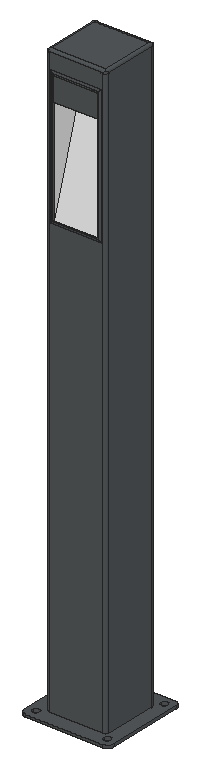
Revit family "svetilnik_alfresco_ar deko_dtu19", category Lighting Fixtures, Revit 2016 (continued)
Definition of nested family "Источник света Ар_Деко"
  Types (5, lengths in mm): name | Photometric Web File | built-in parameter 1150142
       0.2       0.2       0.2       0.2       0.2       0.2       0.2\r\n       0.2       0.2       0.2       0.2       0.2       0.2       0.2       0.2\r\n       0.2       0.2       0.2       0.2       0.2       0.2       0.2       0.2\r\n       0.2       0.2       0.2       0.2       0.2       0.2       0.2       0.2\r\n       0.2       0.2       0.2       0.2       0.2       0.2       0.2       0.2\r\n       0.2       0.2       0.2       0.2       0.2       0.2       0.2       0.2\r\n       0.2       0.2       0.2       0.2       0.2       0.2       0.2       0.2\r\n       0.2       0.2       0.2       0.2       0.2       0.2       0.2       0.2\r\n       0.2       0.2       0.2       0.2       0.2       0.2       0.2       0.2\r\n       0.2       0.2       0.2       0.2       0.2       0.2       0.2       0.2\r\n       0.2       0.1       0.1       0.1       0.1       0.1       0.1       0.1\r\n       0.1       0.1       0.0       0.0       0.0\r\n       0.0       0.0       0.0       0.0       0.1       0.1       0.1       0.1\r\n       0.2       0.2       0.2       0.2       0.2       0.2       0.2       0.2\r\n       0.2       0.2       0.2       0.2       0.2       0.2       0.2       0.2\r\n       0.2       0.2       0.2       0.2       0.2       0.2       0.2       0.2\r\n       0.2       0.2       0.2       0.2       0.2       0.2       0.2       0.2\r\n       0.2       0.2       0.2       0.2       0.2       0.2       0.2       0.2\r\n       0.2       0.2       0.2       0.2       0.2       0.2       0.2       0.2\r\n       0.2       0.2       0.2       0.2       0.2       0.2       0.2       0.2\r\n       0.2       0.2       0.2       0.2       0.2       0.2       0.2       0.2\r\n       0.2       0.2       0.2       0.2       0.2       0.2       0.2       0.2\r\n       0.2       0.2       0.2       0.2       0.2       0.2       0.2       0.2\r\n       0.2       0.2       0.2       0.2       0.2       0.2       0.2       0.2\r\n       0.2       0.2       0.2       0.2       0.2       0.2       0.2       0.2\r\n       0.2       0.2       0.2       0.2       0.2       0.2       0.2       0.2\r\n       0.2       0.2       0.2       0.2       0.2       0.2       0.2       0.2\r\n       0.2       0.2       0.2       0.2       0.2       0.2       0.2       0.2\r\n       0.2       0.2       0.2       0.2       0.2       0.2       0.2       0.2\r\n       0.2       0.2       0.2       0.2       0.2       0.2       0.2       0.2\r\n       0.2       0.2       0.2       0.2       0.2       0.2       0.2       0.2\r\n       0.2       0.2       0.2       0.2       0.2       0.2       0.2       0.2\r\n       0.2       0.2       0.2       0.2       0.2       0.2       0.2       0.2\r\n       0.2       0.1       0.1       0.1       0.1       0.1       0.1       0.1\r\n       0.1       0.1       0.0       0.0       0.0\r\n       0.0       0.0       0.0       0.0       0.0       0.1       0.1       0.1\r\n       0.2       0.2       0.2       0.2       0.2       0.2       0.2       0.2\r\n       0.2       0.2       0.2       0.2       0.2       0.2       0.2       0.2\r\n       0.2       0.2       0.2       0.2       0.2       0.2       0.2       0.2\r\n       0.2       0.2       0.2       0.2       0.2       0.2       0.2       0.2\r\n       0.2       0.2       0.2       0.2       0.2       0.2       0.2       0.2\r\n       0.2       0.2       0.2       0.2       0.2       0.2       0.2       0.2\r\n       0.2       0.2       0.2       0.2       0.2       0.2       0.2       0.2\r\n       0.2       0.2       0.2       0.2       0.2       0.2       0.2       0.2\r\n       0.2       0.2       0.2       0.2       0.2       0.2       0.2       0.2\r\n       0.2       0.2       0.2       0.2       0.2       0.2       0.2       0.2\r\n       0.2       0.2       0.2       0.2       0.2       0.2       0.2       0.2\r\n       0.2       0.2       0.2       0.2       0.2       0.2       0.2       0.2\r\n       0.2       0.2       0.2       0.2       0.2       0.2       0.2       0.2\r\n       0.2       0.2       0.2       0.2       0.2       0.2       0.2       0.2\r\n       0.2       0.2       0.2       0.2       0.2       0.2       0.2       0.2\r\n       0.2       0.2       0.2       0.2       0.2       0.2       0.2       0.2\r\n       0.2       0.2       0.2       0.2       0.2       0.2       0.2       0.2\r\n       0.2       0.2       0.2       0.2       0.2       0.2       0.2       0.2\r\n       0.2       0.2       0.2       0.2       0.2       0.2       0.2       0.2\r\n       0.2       0.2       0.2       0.2       0.2       0.2       0.2       0.2\r\n       0.2       0.1       0.1       0.1       0.1       0.1       0.1       0.1\r\n       0.1       0.1       0.0       0.0       0.0\r\n       0.0       0.0       0.0       0.0       0.0       0.1       0.1       0.1\r\n       0.2       0.2       0.2       0.2       0.2       0.2       0.2       0.2\r\n       0.2       0.2       0.2       0.2       0.2       0.2       0.2       0.2\r\n       0.2       0.2       0.2       0.2       0.2       0.2       0.2       0.2\r\n       0.2       0.2       0.2       0.2       0.2       0.2       0.2       0.2\r\n       0.2       0.2       0.2       0.2       0.2       0.2       0.2       0.2\r\n       0.2       0.2       0.2       0.2       0.2       0.2       0.2       0.2\r\n       0.2       0.2       0.2       0.2       0.2       0.2       0.2       0.2\r\n       0.2       0.2       0.2       0.2       0.2       0.2       0.2       0.2\r\n       0.2       0.2       0.2       0.2       0.2       0.2       0.2       0.2\r\n       0.2       0.2       0.2       0.2       0.2       0.2       0.2       0.2\r\n       0.2       0.2       0.2       0.2       0.2       0.2       0.2       0.2\r\n       0.2       0.2       0.2       0.2       0.2       0.2       0.2       0.2\r\n       0.2       0.2       0.2       0.2       0.2       0.2       0.2       0.2\r\n       0.2       0.2       0.2       0.2       0.2       0.2       0.2       0.2\r\n       0.2       0.2       0.2       0.2       0.2       0.2       0.2       0.2\r\n       0.2       0.2       0.2       0.2       0.2       0.2       0.2       0.2\r\n       0.2       0.2       0.2       0.2       0.2       0.2       0.2       0.2\r\n       0.2       0.2       0.2       0.2       0.2       0.2       0.2       0.2\r\n       0.2       0.2       0.2       0.2       0.2       0.2       0.2       0.2\r\n       0.2       0.2       0.2       0.2       0.2       0.2       0.2       0.2\r\n       0.2       0.1       0.1       0.1       0.1       0.1       0.1       0.1\r\n       0.1       0.1       0.0       0.0       0.0\r\n       0.0       0.0       0.0       0.0       0.0       0.1       0.1       0.1\r\n       0.2       0.2       0.2       0.2       0.2       0.2       0.2       0.2\r\n       0.2       0.2       0.2       0.2       0.2       0.2       0.2       0.2\r\n       0.2       0.2       0.2       0.2       0.2       0.2       0.2       0.2\r\n       0.2       0.2       0.2       0.2       0.2       0.2       0.2       0.2\r\n       0.2       0.2       0.2       0.2       0.2       0.2       0.2       0.2\r\n       0.2       0.2       0.2       0.3       0.2       0.2       0.2       0.2\r\n       0.2       0.2       0.2       0.2       0.2       0.2       0.2       0.2\r\n       0.2       0.2       0.2       0.2       0.2       0.2       0.2       0.2\r\n       0.2       0.2       0.2       0.2       0.2       0.2       0.2       0.2\r\n       0.2       0.2       0.2       0.2       0.2       0.2       0.2       0.2\r\n       0.2       0.2       0.2       0.2       0.2       0.2       0.2       0.2\r\n       0.2       0.2       0.2       0.2       0.2       0.2       0.2       0.2\r\n       0.2       0.2       0.2       0.2       0.2       0.2       0.2       0.2\r\n       0.2       0.2       0.2       0.2       0.2       0.2       0.2       0.2\r\n       0.2       0.2       0.2       0.2       0.2       0.2       0.2       0.2\r\n       0.2       0.2       0.2       0.2       0.2       0.2       0.2       0.2\r\n       0.2       0.2       0.2       0.2       0.2       0.2       0.2       0.2\r\n       0.2       0.2       0.2       0.2       0.2       0.2       0.2       0.2\r\n       0.2       0.2       0.2       0.2       0.2       0.2       0.2       0.2\r\n       0.2       0.2       0.2       0.2       0.2       0.2       0.2       0.2\r\n       0.2       0.2       0.1       0.1       0.1       0.1       0.1       0.1\r\n       0.1       0.1       0.0       0.0       0.0\r\n       0.0       0.0       0.0       0.0       0.0       0.1       0.1       0.1\r\n       0.2       0.2       0.2       0.2       0.2       0.2       0.2       0.2\r\n       0.2       0.2       0.2       0.2       0.2       0.2       0.2       0.2\r\n       0.2       0.2       0.2       0.2       0.2       0.2       0.2       0.2\r\n       0.2       0.2       0.2       0.2       0.2       0.2       0.2       0.2\r\n       0.2       0.2       0.2       0.2       0.2       0.2       0.2       0.2\r\n       0.2       0.2       0.2       0.2       0.2       0.2       0.2       0.2\r\n       0.2       0.2       0.2       0.2       0.2       0.2       0.2       0.2\r\n       0.2       0.2       0.2       0.2       0.2       0.2       0.2       0.2\r\n       0.2       0.2       0.2       0.2       0.2       0.2       0.2       0.2\r\n       0.2       0.2       0.2       0.2       0.2       0.2       0.2       0.2\r\n       0.2       0.2       0.2       0.2       0.2       0.2       0.2       0.2\r\n       0.2       0.2       0.2       0.2       0.2       0.2       0.2       0.2\r\n       0.2       0.2       0.2       0.2       0.2       0.2       0.2       0.2\r\n       0.2       0.2       0.2       0.2       0.2       0.2       0.2       0.2\r\n       0.2       0.2       0.2       0.2       0.2       0.2       0.2       0.2\r\n       0.2       0.2       0.2       0.2       0.2       0.2       0.2       0.2\r\n       0.2       0.2       0.2       0.2       0.2       0.2       0.2       0.2\r\n       0.2       0.2       0.2       0.2       0.2       0.2       0.2       0.2\r\n       0.2       0.2       0.2       0.2       0.2       0.2       0.2       0.2\r\n       0.2       0.2       0.2       0.2       0.2       0.2       0.2       0.2\r\n       0.2       0.2       0.1       0.1       0.1       0.1       0.1       0.1\r\n       0.1       0.0       0.0       0.0       0.0\r\n       0.0       0.0       0.0       0.0       0.0       0.1       0.1       0.1\r\n       0.2       0.2       0.2       0.2       0.2       0.2       0.2       0.2\r\n       0.2       0.2       0.2       0.2       0.2       0.2       0.2       0.2\r\n       0.2       0.2       0.2       0.2       0.2       0.2       0.2       0.2\r\n       0.2       0.2       0.2       0.2       0.2       0.2       0.2       0.2\r\n       0.2       0.2       0.2       0.2       0.2       0.2       0.2       0.2\r\n       0.2       0.2       0.2       0.2       0.2       0.2       0.2       0.2\r\n       0.2       0.2       0.2       0.2       0.2       0.2       0.2       0.2\r\n       0.2       0.2       0.2       0.2       0.2       0.2       0.2       0.2\r\n       0.2       0.2       0.2       0.2       0.2       0.2       0.2       0.2\r\n       0.2       0.2       0.2       0.2       0.2       0.2       0.2       0.2\r\n       0.2       0.2       0.2       0.2       0.2       0.2       0.2       0.2\r\n       0.2       0.2       0.2       0.2       0.2       0.2       0.2       0.2\r\n       0.2       0.2       0.2       0.2       0.2       0.2       0.2       0.2\r\n       0.2       0.2       0.2       0.2       0.2       0.2       0.2       0.2\r\n       0.2       0.2       0.2       0.2       0.2       0.2       0.2       0.2\r\n       0.2       0.2       0.2       0.2       0.2       0.2       0.2       0.2\r\n       0.2       0.2       0.2       0.2       0.2       0.2       0.2       0.2\r\n       0.2       0.2       0.2       0.2       0.2       0.2       0.2       0.2\r\n       0.2       0.2       0.2       0.2       0.2       0.2       0.2       0.2\r\n       0.2       0.2       0.2       0.2       0.2       0.2       0.2       0.2\r\n       0.2       0.2       0.1       0.1       0.1       0.1       0.1       0.1\r\n       0.1       0.0       0.0       0.0       0.0\r\n       0.0       0.0       0.0       0.0       0.0       0.0       0.1       0.1\r\n       0.2       0.2       0.2       0.2       0.2       0.2       0.2       0.2\r\n       0.2       0.2       0.2       0.2       0.2       0.2       0.2       0.2\r\n       0.2       0.2       0.2       0.2       0.2       0.2       0.2       0.2\r\n       0.2       0.2       0.2       0.2       0.2       0.2       0.2       0.2\r\n       0.2       0.2       0.2       0.2       0.2       0.2       0.2       0.3\r\n       0.2       0.2       0.2       0.2       0.2       0.2       0.2       0.2\r\n       0.2       0.2       0.2       0.2       0.2       0.2       0.2       0.2\r\n       0.2       0.2       0.2       0.2       0.2       0.2       0.2       0.2\r\n       0.2       0.2       0.2       0.2       0.2       0.2       0.2       0.2\r\n       0.2       0.2       0.2       0.2       0.2       0.2       0.2       0.2\r\n       0.2       0.2       0.2       0.2       0.2       0.2       0.2       0.2\r\n       0.2       0.2       0.2       0.2       0.2       0.2       0.2       0.2\r\n       0.2       0.2       0.2       0.2       0.2       0.2       0.2       0.2\r\n       0.2       0.2       0.2       0.2       0.2       0.2       0.2       0.2\r\n       0.2       0.2       0.2       0.2       0.2       0.2       0.2       0.2\r\n       0.2       0.2       0.2       0.2       0.2       0.2       0.2       0.2\r\n       0.2       0.2       0.2       0.2       0.2       0.2       0.2       0.2\r\n       0.2       0.2       0.2       0.2       0.2       0.2       0.2       0.2\r\n       0.2       0.2       0.2       0.2       0.2       0.2       0.2       0.2\r\n       0.2       0.2       0.2       0.2       0.2       0.2       0.2       0.2\r\n       0.2       0.2       0.1       0.1       0.1       0.1       0.1       0.1\r\n       0.1       0.0       0.0       0.0       0.0\r\n       0.0       0.0       0.0       0.0       0.0       0.0       0.1       0.1\r\n       0.2       0.2       0.2       0.2       0.2       0.2       0.2       0.2\r\n       0.2       0.2       0.2       0.2       0.2       0.2       0.2       0.2\r\n       0.2       0.2       0.2       0.2       0.2       0.2       0.2       0.2\r\n       0.2       0.2       0.2       0.2       0.2       0.2       0.2       0.2\r\n       0.2       0.2       0.2       0.2       0.2       0.2       0.2       0.4\r\n       0.3       0.2       0.2       0.2       0.2       0.2       0.2       0.2\r\n       0.2       0.2       0.2       0.2       0.2       0.2       0.2       0.2\r\n       0.2       0.2       0.2       0.2       0.2       0.2       0.2       0.2\r\n       0.2       0.2       0.2       0.2       0.2       0.2       0.2       0.2\r\n       0.2       0.2       0.2       0.2       0.2       0.2       0.2       0.2\r\n       0.2       0.2       0.2       0.2       0.2       0.2       0.2       0.2\r\n       0.2       0.2       0.2       0.2       0.2       0.2       0.2       0.2\r\n       0.2       0.2       0.2       0.2       0.2       0.2       0.2       0.2\r\n       0.2       0.2       0.2       0.2       0.2       0.2       0.2       0.2\r\n       0.2       0.2       0.2       0.2       0.2       0.2       0.2       0.2\r\n       0.2       0.2       0.2       0.2       0.2       0.2       0.2       0.2\r\n       0.2       0.2       0.2       0.2       0.2       0.2       0.2       0.2\r\n       0.2       0.2       0.2       0.2       0.2       0.2       0.2       0.2\r\n       0.2       0.2       0.2       0.2       0.2       0.2       0.2       0.2\r\n       0.2       0.2       0.2       0.2       0.2       0.2       0.2       0.2\r\n       0.2       0.2       0.1       0.1       0.1       0.1       0.1       0.1\r\n       0.0       0.0       0.0       0.0       0.0\r\n       0.0       0.0       0.0       0.0       0.0       0.0       0.0       0.1\r\n       0.2       0.2       0.2       0.2       0.2       0.2       0.2       0.2\r\n       0.2       0.2       0.2       0.2       0.2
             0.2       0.2       0.2\r\n       0.2       0.2       0.2       0.2       0.2       0.2       0.2       0.3\r\n       0.2       0.2       0.2       0.2       0.2       0.2       0.2       0.2\r\n       0.2       0.2       0.2       0.2       0.2       0.2       0.2       0.2\r\n       0.2       0.2       0.2       0.2       0.2       0.2       0.2       0.2\r\n       0.2       0.2       0.2       0.2       0.2       0.2       0.2       0.2\r\n       0.2       0.2       0.2       0.2       0.2       0.2       0.2       0.2\r\n       0.2       0.2       0.2       0.2       0.2       0.2       0.2       0.2\r\n       0.2       0.2       0.2       0.2       0.2       0.2       0.2       0.2\r\n       0.2       0.2       0.2       0.2       0.2       0.2       0.2       0.2\r\n       0.2       0.2       0.2       0.2       0.2       0.2       0.2       0.2\r\n       0.2       0.2       0.2       0.2       0.2       0.2       0.2       0.2\r\n       0.2       0.2       0.2       0.2       0.2       0.2       0.2       0.2\r\n       0.2       0.2       0.2       0.2       0.2       0.2       0.2       0.2\r\n       0.2       0.2       0.2       0.2       0.2       0.2       0.2       0.2\r\n       0.2       0.2       0.2       0.2       0.2       0.2       0.2       0.2\r\n       0.2       0.2       0.2       0.2       0.2       0.2       0.2       0.2\r\n       0.2       0.2       0.2       0.2       0.2       0.2       0.2       0.2\r\n       0.2       0.2       0.2       0.2       0.2       0.2       0.2       0.2\r\n       0.2       0.2       0.1       0.1       0.1       0.1       0.1       0.1\r\n       0.0       0.0       0.0       0.0       0.0\r\n       0.0       0.0       0.0       0.0       0.0       0.0       0.0       0.1\r\n       0.2       0.2       0.2       0.2       0.2       0.2       0.2       0.2\r\n       0.2       0.2       0.2       0.2       0.2       0.2       0.2       0.2\r\n       0.2       0.2       0.2       0.2       0.2       0.2       0.2       0.2\r\n       0.2       0.2       0.2       0.2       0.2       0.2       0.2       0.2\r\n       0.2       0.2       0.2       0.2       0.2       0.2       0.2       0.2\r\n       0.2       0.2       0.2       0.2       0.2       0.2       0.2       0.2\r\n       0.2       0.2       0.2       0.2       0.2       0.2       0.2       0.2\r\n       0.2       0.2       0.2       0.2       0.2       0.2       0.2       0.2\r\n       0.2       0.2       0.2       0.2       0.2       0.2       0.2       0.2\r\n       0.2       0.2       0.2       0.2       0.2       0.2       0.2       0.2\r\n       0.2       0.2       0.2       0.2       0.2       0.2       0.2       0.2\r\n       0.2       0.2       0.2       0.2       0.2       0.2       0.2       0.2\r\n       0.2       0.2       0.2       0.2       0.2       0.2       0.2       0.2\r\n       0.2       0.2       0.2       0.2       0.2       0.2       0.2       0.2\r\n       0.2       0.2       0.2       0.2       0.2       0.2       0.2       0.2\r\n       0.2       0.2       0.2       0.2       0.2       0.2       0.2       0.2\r\n       0.2       0.2       0.2       0.2       0.2       0.2       0.2       0.2\r\n       0.2       0.2       0.2       0.2       0.2       0.2       0.2       0.2\r\n       0.2       0.2       0.2       0.2       0.2       0.2       0.2       0.2\r\n       0.2       0.2       0.2       0.2       0.2       0.2       0.2       0.2\r\n       0.2       0.2       0.1       0.1       0.1       0.1       0.1       0.0\r\n       0.0       0.0       0.0       0.0       0.0\r\n       0.0       0.0       0.0       0.0       0.0       0.0       0.0       0.0\r\n       0.1       0.2       0.2       0.2       0.2       0.2       0.2       0.2\r\n       0.2       0.2       0.2       0.2       0.2       0.2       0.2       0.2\r\n       0.2       0.2       0.2       0.2       0.2       0.2       0.2       0.2\r\n       0.2       0.2       0.2       0.2       0.2       0.2       0.2       0.2\r\n       0.2       0.2       0.2       0.2       0.2       0.2       0.2       0.2\r\n       0.2       0.2       0.2       0.2       0.2       0.2       0.2       0.2\r\n       0.2       0.2       0.2       0.2       0.2       0.2       0.2       0.2\r\n       0.2       0.2       0.2       0.2       0.2       0.2       0.2       0.2\r\n       0.2       0.2       0.2       0.2       0.2       0.2       0.2       0.2\r\n       0.2       0.2       0.2       0.2       0.2       0.2       0.2       0.2\r\n       0.2       0.2       0.2       0.2       0.2       0.2       0.2       0.2\r\n       0.2       0.2       0.2       0.2       0.2       0.2       0.2       0.2\r\n       0.2       0.2       0.2       0.2       0.2       0.2       0.2       0.2\r\n       0.2       0.2       0.2       0.2       0.2       0.2       0.2       0.2\r\n       0.2       0.2       0.2       0.2       0.2       0.2       0.2       0.2\r\n       0.2       0.2       0.2       0.2       0.2       0.2       0.2       0.2\r\n       0.2       0.2       0.2       0.2       0.2       0.2       0.2       0.2\r\n       0.2       0.2       0.2       0.2       0.2       0.2       0.2       0.2\r\n       0.2       0.2       0.2       0.2       0.2       0.2       0.2       0.2\r\n       0.2       0.2       0.2       0.2       0.2       0.2       0.2       0.2\r\n       0.2       0.2       0.1       0.1       0.1       0.1       0.0       0.0\r\n       0.0       0.0       0.0       0.0       0.0\r\n       0.0       0.0       0.0       0.0       0.0       0.0       0.0       0.0\r\n       0.1       0.1       0.1       0.2       0.2       0.2       0.2       0.2\r\n       0.2       0.2       0.2       0.2       0.2       0.2       0.2       0.2\r\n       0.2       0.2       0.2       0.2       0.2       0.2       0.2       0.2\r\n       0.2       0.2       0.2       0.2       0.2       0.2       0.2       0.2\r\n       0.2       0.2       0.2       0.2       0.2       0.2       0.2       0.2\r\n       0.2       0.2       0.2       0.2       0.2       0.2       0.2       0.2\r\n       0.2       0.2       0.2       0.2       0.2       0.2       0.2       0.2\r\n       0.2       0.2       0.2       0.2       0.2       0.2       0.2       0.2\r\n       0.2       0.2       0.2       0.2       0.2       0.2       0.2       0.2\r\n       0.2       0.2       0.2       0.2       0.2       0.2       0.2       0.2\r\n       0.2       0.2       0.2       0.2       0.2       0.2       0.2       0.2\r\n       0.2       0.2       0.2       0.2       0.2       0.2       0.2       0.2\r\n       0.2       0.2       0.2       0.2       0.2       0.2       0.2       0.2\r\n       0.2       0.2       0.2       0.2       0.2       0.2       0.2       0.2\r\n       0.2       0.2       0.2       0.2       0.2       0.2       0.2       0.2\r\n       0.2       0.2       0.2       0.2       0.2       0.2       0.2       0.2\r\n       0.2       0.2       0.2       0.2       0.2       0.2       0.2       0.2\r\n       0.2       0.2       0.2       0.2       0.2       0.2       0.2       0.2\r\n       0.2       0.2       0.2       0.2       0.2       0.2       0.2       0.2\r\n       0.2       0.2       0.2       0.2       0.2       0.2       0.2       0.2\r\n       0.2       0.2       0.1       0.1       0.1       0.0       0.0       0.0\r\n       0.0       0.0       0.0       0.0       0.0\r\n       0.0       0.0       0.0       0.0       0.0       0.0       0.0       0.0\r\n       0.1       0.1       0.1       0.1       0.2       0.2       0.2       0.2\r\n       0.2       0.2       0.2       0.2       0.2       0.2       0.2       0.2\r\n       0.2       0.2       0.2       0.2       0.2       0.2       0.2       0.2\r\n       0.2       0.2       0.2       0.2       0.2       0.2       0.2       0.2\r\n       0.2       0.2       0.2       0.2       0.2       0.2       0.2       0.2\r\n       0.2       0.2       0.2       0.2       0.2       0.2       0.2       0.2\r\n       0.2       0.2       0.2       0.2       0.2       0.2       0.2       0.2\r\n       0.2       0.2       0.2       0.2       0.2       0.2       0.2       0.2\r\n       0.2       0.2       0.2       0.2       0.2       0.2       0.2       0.2\r\n       0.2       0.2       0.2       0.2       0.2       0.2       0.2       0.2\r\n       0.2       0.2       0.2       0.2       0.2       0.2       0.2       0.2\r\n       0.2       0.2       0.2       0.2       0.2       0.2       0.2       0.2\r\n       0.2       0.2       0.2       0.2       0.2       0.2       0.2       0.2\r\n       0.2       0.2       0.2       0.2       0.2       0.2       0.2       0.2\r\n       0.2       0.2       0.2       0.2       0.2       0.2       0.2       0.2\r\n       0.2       0.2       0.2       0.2       0.2       0.2       0.2       0.2\r\n       0.2       0.2       0.2       0.2       0.2       0.2       0.2       0.2\r\n       0.2       0.2       0.2       0.2       0.2       0.2       0.2       0.2\r\n       0.2       0.2       0.2       0.2       0.2       0.2       0.2       0.2\r\n       0.2       0.2       0.2       0.2       0.2       0.2       0.2       0.2\r\n       0.2       0.2       0.1       0.1       0.1       0.0       0.0       0.0\r\n       0.0       0.0       0.0       0.0       0.0\r\n       0.0       0.0       0.0       0.0       0.0       0.0       0.0       0.0\r\n       0.1       0.1       0.1       0.1       0.1       0.2       0.2       0.2\r\n       0.2       0.2       0.2       0.2       0.2       0.2       0.2       0.2\r\n       0.2       0.2       0.2       0.2       0.2       0.2       0.2       0.2\r\n       0.2       0.2       0.2       0.2       0.2       0.2       0.2       0.2\r\n       0.2       0.2       0.2       0.2       0.2       0.2       0.2       0.2\r\n       0.2       0.2       0.2       0.2       0.2       0.2       0.2       0.2\r\n       0.2       0.2       0.2       0.2       0.2       0.2       0.2       0.2\r\n       0.2       0.2       0.2       0.2       0.2       0.2       0.2       0.2\r\n       0.2       0.2       0.2       0.2       0.2       0.2       0.2       0.2\r\n       0.2       0.2       0.2       0.2       0.2       0.2       0.2       0.2\r\n       0.2       0.2       0.2       0.2       0.2       0.2       0.2       0.2\r\n       0.2       0.2       0.2       0.2       0.2       0.2       0.2       0.2\r\n       0.2       0.2       0.2       0.2       0.2       0.2       0.2       0.2\r\n       0.2       0.2       0.2       0.2       0.2       0.2       0.2       0.2\r\n       0.2       0.2       0.2       0.2       0.3       0.5       0.2       0.2\r\n       0.2       0.2       0.2       0.2       0.2       0.2       0.2       0.2\r\n       0.2       0.2       0.2       0.2       0.2       0.2       0.2       0.2\r\n       0.2       0.2       0.2       0.2       0.2       0.2       0.2       0.2\r\n       0.2       0.2       0.2       0.2       0.2       0.2       0.2       0.2\r\n       0.2       0.2       0.2       0.2       0.2       0.2       0.2       0.2\r\n       0.2       0.2       0.1       0.1       0.1       0.0       0.0       0.0\r\n       0.0       0.0       0.0       0.0       0.0\r\n       0.0       0.0       0.0       0.0       0.0       0.0       0.0       0.0\r\n       0.1       0.1       0.1       0.1       0.1       0.1       0.2       0.2\r\n       0.1       0.2       0.2       0.1       0.1       0.1       0.2       0.2\r\n       0.2       0.2       0.2       0.2       0.2       0.2       0.2       0.2\r\n       0.2       0.2       0.2       0.2       0.2       0.2       0.2       0.2\r\n       0.2       0.2       0.2       0.2       0.2       0.2       0.2       0.2\r\n       0.2       0.2       0.2       0.2       0.2       0.2       0.2       0.2\r\n       0.2       0.2       0.2       0.2       0.2       0.2       0.2       0.2\r\n       0.2       0.2       0.2       0.2       0.2       0.2       0.2       0.2\r\n       0.2       0.2       0.2       0.2       0.2       0.2       0.2       0.2\r\n       0.2       0.2       0.2       0.2       0.2       0.2       0.2       0.2\r\n       0.2       0.2       0.2       0.2       0.2       0.2       0.2       0.2\r\n       0.2       0.2       0.2       0.2       0.2       0.2       0.2       0.2\r\n       0.2       0.2       0.2       0.2       0.2       0.2       0.2       0.2\r\n       0.2       0.2       0.2       0.2       0.2       0.2       0.2       0.2\r\n       0.2       0.2       0.2       0.2       0.3       0.2       0.2       0.2\r\n       0.2       0.2       0.2       0.2       0.2       0.2       0.2       0.2\r\n       0.2       0.2       0.2       0.2       0.2       0.2       0.2       0.2\r\n       0.2       0.2       0.2       0.2       0.2       0.2       0.2       0.2\r\n       0.2       0.2       0.2       0.2       0.2       0.2       0.2       0.2\r\n       0.2       0.2       0.2       0.2       0.2       0.2       0.2       0.2\r\n       0.2       0.1       0.1       0.1       0.0       0.0       0.0       0.0\r\n       0.0       0.0       0.0       0.0       0.0\r\n       0.0       0.0       0.0       0.0       0.0       0.0       0.0       0.0\r\n       0.1       0.1       0.1       0.1       0.1       0.1       0.1       0.1\r\n       0.1       0.1       0.1       0.2       0.1       0.1       0.2       0.1\r\n       0.2       0.2       0.2       0.2       0.2       0.2       0.2       0.2\r\n       0.2       0.2       0.2       0.2       0.2       0.2       0.2       0.2\r\n       0.2       0.2       0.2       0.2       0.2       0.2       0.2       0.2\r\n       0.2       0.2       0.2       0.2       0.2       0.2       0.2       0.2\r\n       0.2       0.2       0.2       0.2       0.2       0.2       0.2       0.2\r\n       0.2       0.2       0.2       0.2       0.2       0.2       0.2       0.2\r\n       0.2       0.2       0.2       0.2       0.2       0.2       0.2       0.2\r\n       0.2       0.2       0.2       0.2       0.2       0.2       0.2       0.2\r\n       0.2       0.2       0.2       0.2       0.2       0.2       0.2       0.2\r\n       0.2       0.2       0.2       0.2       0.2       0.2       0.2       0.2\r\n       0.2       0.2       0.2       0.2       0.2       0.2       0.2       0.2\r\n       0.2       0.2       0.2       0.2       0.2       0.2       0.2       0.2\r\n       0.2       0.2       0.2       0.2       0.2       0.2       0.2       0.2\r\n       0.2       0.2       0.2       0.2       0.2       0.2       0.2       0.2\r\n       0.2       0.2       0.2       0.2       0.2       0.2       0.2       0.2\r\n       0.2       0.2       0.2       0.2       0.2       0.2       0.2       0.2\r\n       0.2       0.2       0.2       0.2       0.2       0.2       0.2       0.2\r\n       0.2       0.2       0.2       0.2       0.2       0.2       0.1       0.1\r\n       0.1       0.1       0.1       0.1       0.0       0.0       0.0       0.0\r\n       0.0       0.0       0.0       0.0       0.0\r\n       0.0       0.0       0.0       0.0       0.0       0.0       0.0       0.0\r\n       0.1       0.1       0.1       0.1       0.1       0.1       0.1       0.1\r\n       0.1       0.1       0.1       0.1       0.1       0.1       0.2       0.2\r\n       0.1       0.2       0.2       0.2       0.2       0.2       0.2       0.2\r\n       0.2       0.2       0.2       0.2       0.2       0.2       0.2       0.2\r\n       0.2       0.2       0.2       0.2       0.2       0.2       0.2       0.2\r\n       0.2       0.2       0.2       0.2       0.2       0.2       0.2       0.2\r\n       0.2       0.2       0.2       0.2       0.2       0.2       0.2       0.2\r\n       0.2       0.2       0.2       0.2       0.2       0.2       0.2       0.2\r\n       0.2       0.2       0.2       0.2       0.2       0.2       0.2       0.2\r\n       0.2       0.2       0.2       0.2       0.2       0.2       0.2       0.2\r\n       0.2       0.2       0.2       0.2       0.2       0.2       0.2       0.2\r\n       0.2       0.2       0.2       0.2       0.2       0.2       0.2       0.2\r\n       0.2       0.2       0.2       0.2       0.2       0.2       0.2       0.2\r\n       0.2       0.2       0.2       0.2       0.2       0.2       0.2       0.2\r\n       0.2       0.2       0.2       0.2       0.2       0.2       0.2       0.2\r\n       0.2       0.2       0.2       0.2       0.2    
